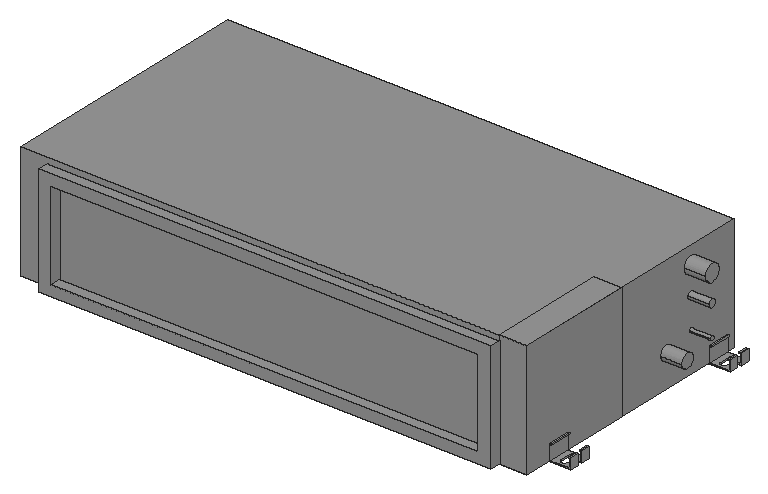
Revit family "Trane_TVR_Indoor_Medium static pressure_4TVD0015EF000AA(2nd DC)", category Equipamento mecânico, Revit 2019
Family settings
  Cota do conector redondo = Utilizar diâmetro
  Tipo de parte = Normal
  Número OmniClass = 23.75.00.00
  Título OmniClass = Climate Control (HVAC)
  Com base no plano de trabalho = Não
  Sempre na vertical = Sim
  Corte com vazios quando carregada = Não
  Compartilhado = Não
  Ponto de cálculo do ambiente = Não
Parameters (values of type "4TVD0015EF000AA")
  clearance access right = 600.000 mm
  clearance access left = 500.000 mm
  clearance access front = 0.000 mm
  clearance access behind = 0.000 mm
  clearance [instance] = no
  Width = 1000.000 mm
  URL = "https://www.trane.com/commercial/latin-america/br/pt.html"
  Series = "TVR ULTRA"
  Power supply = "220-240V ~50/60Hz"
  Net Weight = 21.50 kg
  Modelo = "4TVD0015EF000AA"
  Minimum Circuit Amps = 1 A
  Maximum Fuse Amps = 15 A
  Fabricante = "Trane"
  Machine material = grilles：ABS/HIPS
  Liquid pipe = 6.350 mm
  Installation = "Indoor installation"
  Height = 210.000 mm
  Heating Power Input = 92 W
  Heating Capacity = 5.00 kW
  Gas pipe = 12.700 mm
  Gas = "R410a"
  Descrição = "High efficiency air cooled"
  Depth = 500.000 mm
  Cooling Power Input = 92 W
  Cooling Capacity = 4.50 kW
  Condensation = "air"
  Air  Flow = "800/740/680/620/540/480/400 m3/h"
Reference planes
  plane 1 "Center(front/bcak)": y = 0
  plane 2: z = 0
  plane 3 "Center(Left/Right)": x = 0
  plane 4: z = 210
  plane 5: x = 460
Forms (mm)
  Extrusion 1, solid, material "grilles：ABS/HIPS" <- "Machine material", detail levels medium+fine
    sketch origin (0, 0, 0) x (1, 0, 0) y (0, 1, 0)
      loop
        line (0, 235) -> (-460, 235) -> (-460, -235) -> (460, -235) -> (460, 235) -> (0, 235)
    from 0 to 210
  Extrusion 2, solid, material "grilles：ABS/HIPS" <- "Machine material", detail levels fine
    sketch origin (0, 0, 0) x (1, 0, 0) y (0, 0, 1)
      loop
        line (-410, 200) -> (-410, 0) -> (410, 0) -> (410, 200) -> (-410, 200)
      loop
        line (-389, 180) -> (-389, 20) -> (386.647, 20) -> (386.647, 180) -> (-389, 180)
    from 235 to 255
  Extrusion 3, solid, material "grilles：ABS/HIPS" <- "Machine material", detail levels fine
    sketch origin (0, 510, 0) x (1, 0, 0) y (0, 0, 1)
      loop
        line (-366, 200) -> (-366, 0) -> (366, 0) -> (366, 200) -> (-366, 200)
      loop
        line (-360.293, 195.027) -> (-360.293, 5.508) -> (359.244, 5.508) -> (359.244, 195.027) -> (-360.293, 195.027)
    from 265 to 275
  Extrusion 4, solid, material "grilles：ABS/HIPS" <- "Machine material", detail levels fine
    sketch origin (0, 0, 0) x (0, 1, 0) y (0, 0, 1)
      loop
        circle (135, 180) r 15
    from 460 to 500
  Extrusion 5, solid, material "grilles：ABS/HIPS" <- "Machine material", detail levels fine
    sketch origin (0, 0, 0) x (0, 1, 0) y (0, 0, 1)
      loop
        circle (135, 130.396) r 6.35
    from 460 to 500
  Extrusion 6, solid, material "grilles：ABS/HIPS" <- "Machine material", detail levels fine
    sketch origin (0, 0, 0) x (0, 1, 0) y (0, 0, 1)
      loop
        circle (135, 73.557) r 3.175
    from 460 to 500
  Extrusion 7, solid, material "grilles：ABS/HIPS" <- "Machine material", detail levels fine
    sketch origin (0, 0, 0) x (0, 1, 0) y (0, 0, 1)
      loop
        circle (79.212, 61.022) r 12.5
    from 460 to 500
  Extrusion 8, solid, material "grilles：ABS/HIPS" <- "Machine material", detail levels fine
    sketch origin (0, 0, 0) x (1, 0, 0) y (0, 0, 1)
      loop
        line (460, 0) -> (460, 210) -> (410, 210) -> (410, 0) -> (460, 0)
    from 20 to 235
  Extrusion 9, solid, material "grilles：ABS/HIPS" <- "Machine material", detail levels fine
    sketch origin (0, 0, 0) x (0, 1, 0) y (0, 0, 1)
      loop
        circle (-154.402, 140.106) r 49
    from -460 to -414.467
Lines and regions (mm)
  model lines, detail levels fine
    curve 1: line (-389, -255, 180) -> (386.647, -255, 180)
    curve 2: line (-389, -255, 20) -> (-389, -255, 180)
    curve 3: line (388.207, -255, 20) -> (-389, -255, 20)
    curve 4: line (-389, -255, 20) -> (-229, -255, 180)
    curve 5: line (-329, -255, 20) -> (-169, -255, 180)
    curve 6: line (-269, -255, 20) -> (-109, -255, 180)
    curve 7: line (-209, -255, 20) -> (-49, -255, 180)
    curve 8: line (-149, -255, 20) -> (11, -255, 180)
    curve 9: line (-89, -255, 20) -> (71, -255, 180)
    curve 10: line (-389, -255, 140) -> (-349, -255, 180)
    curve 11: line (-389, -255, 80) -> (-289, -255, 180)
    curve 12: line (116.698, -255, 20) -> (-43.302, -255, 180)
    curve 13: line (56.698, -255, 20) -> (-103.302, -255, 180)
    curve 14: line (-3.302, -255, 20) -> (-163.302, -255, 180)
    curve 15: line (-63.302, -255, 20) -> (-223.302, -255, 180)
    curve 16: line (-123.302, -255, 20) -> (-283.302, -255, 180)
    curve 17: line (-183.302, -255, 20) -> (-343.302, -255, 180)
    curve 18: line (-243.302, -255, 20) -> (-389, -255, 165.698)
    curve 19: line (-303.302, -255, 20) -> (-389, -255, 105.698)
    curve 20: line (-363.302, -255, 20) -> (-389, -255, 45.698)
    curve 32: line (171, -255, 20) -> (11, -255, 180)
    curve 33: line (225.302, -255, 20) -> (65.302, -255, 180)
    curve 34: line (279.604, -255, 20) -> (119.604, -255, 180)
    curve 35: line (333.906, -255, 20) -> (173.906, -255, 180)
    curve 36: line (388.207, -255, 20) -> (228.207, -255, 180)
    curve 37: line (386.647, -255, 75.862) -> (282.509, -255, 180)
    curve 38: line (386.647, -255, 130.164) -> (336.811, -255, 180)
    curve 39: line (-40.396, -255, 20) -> (119.604, -255, 180)
    curve 40: line (8.207, -255, 20) -> (168.207, -255, 180)
    curve 41: line (56.811, -255, 20) -> (216.811, -255, 180)
    curve 42: line (105.415, -255, 20) -> (265.415, -255, 180)
    curve 43: line (154.019, -255, 20) -> (314.019, -255, 180)
    curve 44: line (202.622, -255, 20) -> (362.622, -255, 180)
    curve 45: line (251.226, -255, 20) -> (386.647, -255, 155.421)
    curve 46: line (299.83, -255, 20) -> (386.647, -255, 106.817)
    curve 47: line (348.434, -255, 20) -> (386.647, -255, 58.213)
  model lines
    curve 21: line (460, -235, 210) -> (-460, -235, 210)
    curve 22: line (-460, -235, 210) -> (-460, 235, 210)
    curve 23: line (-460, 235, 210) -> (460, 235, 210)
    curve 24: line (460, 235, 0) -> (-460, 235, 0)
    curve 25: line (-460, 235, 0) -> (-460, -235, 0)
    curve 26: line (-460, -235, 0) -> (460, -235, 0)
    curve 27: line (-460, -235, 210) -> (-460, -235, 0)
    curve 28: line (460, -235, 210) -> (460, 235, 210)
    curve 29: line (460, 235, 210) -> (460, 235, 0)
    curve 30: line (460, 235, 0) -> (460, -235, 0)
    curve 31: line (460, -235, 0) -> (460, -235, 210)
    curve 48: line (-460, 235, 210) -> (-460, 235, 0)
Dimensions and locks
  "Height": plane 4 to level
  "Depth": Extrusion 3 to Extrusion 2
  "Liquid pipe": diameter of Extrusion 6
  "Gas pipe": diameter of Extrusion 5
  aligned and locked: level to plane 2
Automatic sketch dimensions
  Extrusion 1 sketch curve to plane 3 "Center(Left/Right)" = 0.000 mm
  plane 1 "Center(front/bcak)" to Extrusion 1 sketch curve = 235.000 mm
  Extrusion 1 sketch curve to plane 3 "Center(Left/Right)" = 460.000 mm
  plane 3 "Center(Left/Right)" to Extrusion 1 sketch curve = 460.000 mm
  Extrusion 1 sketch curve to plane 1 "Center(front/bcak)" = 235.000 mm
  Extrusion 2 sketch curve to level = 0.000 mm
  Extrusion 2 sketch curve to plane 3 "Center(Left/Right)" = 410.000 mm
  level to Extrusion 2 sketch curve = 20.000 mm
  Extrusion 2 sketch curve to Extrusion 2 sketch curve = 21.000 mm
  plane 4 to Extrusion 2 sketch curve = 30.000 mm
  plane 3 "Center(Left/Right)" to Extrusion 2 sketch curve = 386.647 mm
  plane 4 to Extrusion 2 sketch curve = 10.000 mm
  Extrusion 2 sketch curve to Extrusion 2 sketch curve = 23.353 mm
  Extrusion 3 sketch curve to level = 0.000 mm
  Extrusion 3 sketch curve to plane 3 "Center(Left/Right)" = 366.000 mm
  level to Extrusion 3 sketch curve = 5.508 mm
  Extrusion 3 sketch curve to Extrusion 3 sketch curve = 5.707 mm
  plane 4 to Extrusion 3 sketch curve = 14.973 mm
  plane 3 "Center(Left/Right)" to Extrusion 3 sketch curve = 359.244 mm
  Extrusion 3 sketch curve to Extrusion 3 sketch curve = 6.756 mm
  Extrusion 3 sketch curve to Extrusion 3 sketch curve = 4.973 mm
  plane 4 to Extrusion 4 sketch curve = 30.000 mm
  Extrusion 4 sketch curve to plane 1 "Center(front/bcak)" = 135.000 mm
  Extrusion 5 sketch curve to plane 1 "Center(front/bcak)" = 135.000 mm
  plane 4 to Extrusion 5 sketch curve = 79.604 mm
  Extrusion 6 sketch curve to plane 1 "Center(front/bcak)" = 135.000 mm
  level to Extrusion 6 sketch curve = 73.557 mm
  Extrusion 7 sketch curve to plane 1 "Center(front/bcak)" = 79.212 mm
  level to Extrusion 7 sketch curve = 61.022 mm
  curve 21 to Extrusion 1 = 0.000 mm  (x3)
  curve 22 to Extrusion 1 = 0.000 mm
  curve 23 to Extrusion 1 = 0.000 mm
  curve 24 to Extrusion 1 = 0.000 mm  (x2)
  curve 25 to Extrusion 1 = 0.000 mm  (x2)
  curve 26 to Extrusion 1 = 0.000 mm
  curve 27 to Extrusion 1 = 0.000 mm  (x3)
  Extrusion 1 to curve 28 = 0.000 mm
  curve 28 to Extrusion 1 = 0.000 mm
  curve 30 to Extrusion 1 = 0.000 mm  (x2)
  Extrusion 8 sketch curve to level = 0.000 mm
  Extrusion 8 sketch curve to plane 4 = 0.000 mm
  plane 3 "Center(Left/Right)" to Extrusion 8 sketch curve = 410.000 mm
  Extrusion 8 sketch curve to Extrusion 8 sketch curve = 50.000 mm
  plane 4 to Extrusion 9 sketch curve = 69.894 mm
  plane 1 "Center(front/bcak)" to Extrusion 9 sketch curve = 154.402 mm
  curve 4 to Extrusion 2 = 0.000 mm  (x2)
  curve 34 to Extrusion 2 = 0.000 mm
  Extrusion 2 to curve 45 = 0.000 mm
  Extrusion 2 to curve 37 = 0.000 mm
  Extrusion 2 to curve 46 = 0.000 mm
  Extrusion 2 to curve 38 = 0.000 mm
  curve 1 to Extrusion 2 = 0.000 mm
  Extrusion 2 to curve 47 = 0.000 mm
  Extrusion 2 to curve 34 = 267.043 mm
  curve 3 to Extrusion 2 = 1.561 mm
  curve 2 to curve 20 = 25.698 mm  (x2)
  curve 1 to curve 10 = 40.000 mm
  curve 10 to curve 17 = 5.698 mm
  curve 20 to curve 5 = 34.302 mm
  curve 5 to curve 19 = 25.698 mm
  curve 17 to curve 11 = 54.302 mm
  curve 11 to curve 16 = 5.698 mm
  curve 19 to curve 6 = 34.302 mm
  curve 6 to curve 18 = 25.698 mm
  curve 16 to curve 4 = 54.302 mm
  curve 4 to curve 15 = 5.698 mm
  curve 18 to curve 7 = 34.302 mm
  curve 7 to curve 17 = 25.698 mm
  curve 15 to curve 5 = 54.302 mm
  curve 5 to curve 14 = 5.698 mm
  curve 17 to curve 8 = 34.302 mm
  curve 8 to curve 16 = 25.698 mm
  curve 14 to curve 6 = 54.302 mm
  curve 6 to curve 13 = 5.698 mm
  curve 16 to curve 9 = 34.302 mm
  curve 9 to curve 15 = 25.698 mm
  curve 13 to curve 7 = 54.302 mm
  curve 7 to curve 12 = 5.698 mm
  curve 15 to curve 39 = 22.906 mm
  curve 39 to curve 14 = 37.094 mm
  curve 14 to curve 40 = 11.509 mm
  curve 12 to curve 32 = 54.302 mm
  curve 8 to curve 32 = 0.000 mm
  curve 40 to curve 13 = 48.491 mm
  curve 13 to curve 41 = 0.113 mm
  curve 32 to curve 33 = 54.302 mm
  curve 33 to curve 9 = 5.698 mm
  curve 41 to curve 42 = 48.604 mm
  curve 42 to curve 12 = 11.283 mm
  curve 12 to curve 43 = 37.321 mm
  curve 34 to curve 40 = 48.604 mm
  curve 43 to curve 32 = 16.981 mm
  curve 40 to curve 35 = 5.698 mm
  curve 32 to curve 44 = 31.622 mm
  curve 35 to curve 41 = 42.906 mm
  curve 44 to curve 33 = 22.679 mm
  curve 41 to curve 36 = 11.396 mm
  curve 33 to curve 45 = 25.924 mm
  curve 36 to curve 42 = 37.207 mm
  curve 42 to curve 37 = 17.094 mm
  curve 34 to curve 46 = 20.226 mm
  curve 37 to curve 43 = 31.509 mm
  curve 46 to curve 35 = 34.076 mm
  curve 43 to curve 38 = 22.793 mm
  curve 35 to curve 47 = 14.528 mm
  Extrusion 2 to curve 44 = 24.025 mm
  Extrusion 2 to curve 47 = 38.213 mm
  curve 47 to curve 37 = 17.649 mm
  curve 20 to curve 11 = 34.302 mm
  curve 11 to curve 19 = 25.698 mm
  curve 37 to curve 46 = 30.955 mm
  curve 46 to curve 38 = 23.347 mm
  curve 19 to curve 10 = 34.302 mm
  Extrusion 2 to curve 45 = 24.579 mm
  Extrusion 2 to curve 18 = 14.302 mm
  curve 48 to Extrusion 1 = 0.000 mm  (x3)
  radius of Extrusion 4 sketch curve = 15.000 mm
  radius of Extrusion 5 sketch curve = 6.350 mm
  radius of Extrusion 6 sketch curve = 3.175 mm
  radius of Extrusion 7 sketch curve = 12.500 mm
  radius of Extrusion 9 sketch curve = 49.000 mm
Nested families
  nested 1: "Beautiful-Lagou" at (460, -185, 0) x (0, 1, 0) z (0, 0, 1), type "Lagou-HXL", detail levels fine
  nested 2: "Beautiful-Lagou" at (460, 176.991, 0) x (0, 1, 0) z (0, 0, 1), type "Lagou-HXL", detail levels fine
  nested 3: "Beautiful-Lagou" at (-460, 216.991, 0) x (0, -1, 0) z (0, 0, 1), type "Lagou-HXL", detail levels fine
  nested 4: "Beautiful-Lagou" at (-460, -145, 0) x (0, -1, 0) z (0, 0, 1), type "Lagou-HXL", detail levels fine
Connectors
  piping at (500, 79.212, 61.022), diameter 25
    settings: on Extrusion 7, index 11, connector inside diameter 25 mm, connector length 0.000 mm, flow factor 0, pipe flow 0.0 m³/h, pressure drop 0.0 Pa, fitting loss kfactor 0, connector angle 0.00°, fixture units 0, engagement length 0.000 mm, angle of deflection 0.00°, flow configuration 1, flow direction 2, fitting loss method 0, system type 29, joint type 0, gender type 0, connector reference index -1, connector utility 0, adjustable connector no, is connector primary yes, connector description "Drain pipe OD Φ 25mm"
  piping at (500, 135, 73.557), diameter 6.35
    settings: on Extrusion 6, index 16, connector inside diameter 6.35 mm, connector length 0.000 mm, flow factor 0, pipe flow 0.0 m³/h, pressure drop 0.0 Pa, fitting loss kfactor 0, connector angle 0.00°, fixture units 0, engagement length 0.000 mm, angle of deflection 0.00°, flow configuration 1, flow direction 0, fitting loss method 4, system type 22, joint type 0, gender type 0, connector reference index -1, connector utility 0, adjustable connector no, is connector primary no, connector description "Liquid pipe Φ6.35mm"
  piping at (500, 135, 130.396), diameter 12.7
    settings: on Extrusion 5, index 17, connector inside diameter 12.7 mm, connector length 0.000 mm, flow factor 0, pipe flow 0.0 m³/h, pressure drop 0.0 Pa, fitting loss kfactor 0, connector angle 0.00°, fixture units 0, engagement length 0.000 mm, angle of deflection 0.00°, flow configuration 1, flow direction 0, fitting loss method 4, system type 22, joint type 0, gender type 0, connector reference index -1, connector utility 0, adjustable connector no, is connector primary no, connector description "Gas pipe Φ12.7mm"
  electrical at (460, -127.5, 105)
    settings: on Extrusion 8, index 18, voltage 220 V, apparent load 0 VA, apparent load phase1 0 VA, apparent load phase2 0 VA, apparent load phase3 0 VA, power factor 1, load classification "Power", number of poles 1, system type 30, power factor state 1, is connector primary yes, connector utility no, sub classification motor no, connector description "The location of electrical connectors is not the same as the actual location because the wiring terminal is inside the unit."
  hvac at (-460, -154.402, 140.106)
    settings: on Extrusion 9, index 21, duct flow 0.0 m³/h, flow factor 0, pres drop 0.0 Pa, loss coef 0, conn angle 0.00°, conn width 304.8 mm, conn height 304.8 mm, conn diameter 98 mm, duct sys type 4, conn prof type 0, flow config 0, flow direction 0, loss method 0, conn ref index -1, conn util no, is conn primary yes, conn desc ""
  hvac at (0, -255, 100)
    settings: on Extrusion 2, index 22, duct flow 0.0 m³/h, flow factor 0, pres drop 0.0 Pa, loss coef 0, conn angle 0.00°, conn width 734 mm, conn height 147 mm, conn diameter 609.6 mm, duct sys type 3, conn prof type 1, flow config 0, flow direction 0, loss method 0, conn ref index -1, conn util no, is conn primary no, conn desc ""
  hvac at (0, 245, 100)
    settings: on Extrusion 3, index 23, duct flow 0.0 m³/h, flow factor 0, pres drop 0.0 Pa, loss coef 0, conn angle 0.00°, conn width 734 mm, conn height 147 mm, conn diameter 609.6 mm, duct sys type 3, conn prof type 1, flow config 0, flow direction 0, loss method 0, conn ref index -1, conn util no, is conn primary no, conn desc ""
Definition of nested family "Beautiful-Lagou"
  Parameters
    Manufacturer = "HXL"
    Machine material = none
  Reference planes
    plane 1 "Center (Front/Back)": y = 0
    plane 2: z = 0
    plane 3 "Center (Left/Right)": x = 0
  Forms (mm)
    Extrusion 1, solid, material <- "Machine material"
      sketch origin (0, 0, 0) x (0, 1, 0) y (0, 0, 1)
        loop
          line (0, 0) -> (0, 20) -> (0, 30) -> (-5, 30) -> (-5, 28) -> (-2, 28) -> (-2, 2) -> (-38, 2) -> (-38, 18) -> (-35, 18) -> (-35, 20) -> (-38, 20) -> (-40, 20) -> (-40, 0) -> (0, 0)
      from 0 to 40
    Extrusion 2, void
      sketch origin (0, 0, 0) x (1, 0, 0) y (0, 1, 0)
        loop
          arc (10, -14) -> (4, -20) -> (10, -26) r 6
          line (10, -26) -> (30, -26)
          arc (30, -26) -> (36, -20) -> (30, -14) r 6
          line (30, -14) -> (10, -14)
      from 0 to 2
    Extrusion 3, void
      sketch origin (0, 0, 0) x (1, 0, 0) y (0, 1, 0)
        loop
          line (15, -26) -> (15, -40) -> (25, -40) -> (25, -26) -> (15, -26)
      from 0 to 250
  Cuts and joins
    Extrusion 2, Extrusion 3 cuts Extrusion 1
  Dimensions and locks
    aligned and locked: level to plane 2
